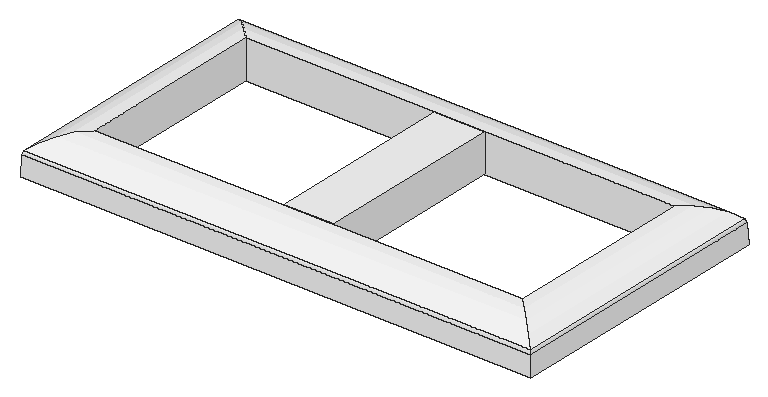
Revit family "Gira_021203", category Electrical Fixtures, host Face, Revit 2017
Family settings
  Host = Face
  Maintain Annotation Orientation = No
  Round Connector Dimension = Use Diameter
  Part Type = Normal
  Cut with Voids When Loaded = No
  Shared = No
  Room Calculation Point = No
Parameters (values of type "Cov.fr. 2-g Standard 55 p.white")
  With mounting grid = "No"
  With hinged lid = "No"
  URL = "http://katalog.gira.de/en/datenblatt.html?artikelnr=021203"
  Type of fastening = "Clamp mounting"
  Transparent = "No"
  Surface protection = "Other"
  Surface finishing = "Glossy"
  Suitable for wall duct = "No"
  Suitable for flush-mounted installation = "Yes"
  Suitable for floor box = "No"
  Suitable for built-in installation = "No"
  RAL-number (akin) = "9010"
  Number of units vertical = "2"
  Number of units horizontal = "2"
  Number of units = "2"
  Name = "Cov.fr. 2-g Standard 55 p.white"
  Mounting direction = "Horizontal and vertical"
  Material quality = "Thermoplastic"
  Material = "Plastic"
  Manufacturer URL = "https://www.gira.de/"
  Manufacturer = "Gira"
  Label space/information surface = "No"
  Keynote = ""
  HeinzeBIM = "https://bimportal.heinze.de/bim/cov-fr-2-g-standard-55-p-white/0f1c72228a42cfba6ece712ec532194f8d2cd599"
  Halogen free = "Yes"
  HAN = "021203"
  GTIN = "4010337212034"
  Description = "Cov.fr.2g Std55 PW,Gira Standard 55 cover frame,pure white glossy,2-gang,Features:,- Shatter-proof.,,Notes :,- Also suitable for duct installation.,- In connection with the seal kit, frame (1-gang to 5-gang) is also suitable for installation as water-protected flush-mounted IP44."
  Degree of protection (IP) = "IP20"
  Default Elevation = 1219.2 mm
  Data sheet (1) = "https://katalog.gira.de/en/download.html?artikelnr=021203"
  Colour = "White"
  Category = "Cover frame for domestic switching devices"
  BIM (1) = "https://media.stage.bim.site/public/gira/36a6b08/Std55_Rahmen_2fach.rfa"
  Available = "No"
Reference planes
  plane 1 "Center (Front/Back)": y = 0
  plane 2: z = 0
  plane 3 "Center (Left/Right)": x = 0
  plane 4: y = -75.9
  plane 5: y = 75.9
  plane 6: x = -40.3
  plane 7: x = 40.3
  plane 8: y = -7.4
  plane 9: y = 7.4
Forms (mm)
  Sweep 1, solid, material "White", detail levels fine
    path origin (0, 0, 0) x (0, -1, 0) y (1, 0, 0)
      loop
        line (40.3, 75.9) -> (-40.3, 75.9) -> (-40.3, -75.9) -> (40.3, -75.9) -> (40.3, 75.9)
    profile origin (75.9, 0, 0) x (-1, 0, 0) y (0, 0, 1)
      loop
        arc (12.22, 11.373) -> (5.983, 10.294) -> (0.641, 6.901) r 16.145
        arc (0.641, 6.901) -> (0.395, 6.426) -> (0.309, 5.898) r 1.694
        line (0.309, 5.898) -> (0, 0) -> (12.319, 0) -> (12.22, 11.373)
  Extrusion 2, solid, material "White", detail levels coarse+medium
    sketch origin (0, 0, 0) x (0, -1, 0) y (1, 0, 0)
      loop
        line (40.3, 75.9) -> (-40.3, 75.9) -> (-40.3, -75.9) -> (40.3, -75.9) -> (40.3, 75.9)
    from 0 to 11.373
  Extrusion 3, solid, material "White", detail levels fine
    sketch origin (0, 0, 0) x (1, 0, 0) y (0, 0, 1)
      loop
        line (7.4, 0) -> (7.4, 11.373) -> (-7.4, 11.373) -> (-7.4, 0) -> (7.4, 0)
    from -28.08 to 28.08
Dimensions and locks
  aligned and locked: plane 2 to host face
  aligned and locked: level to host face
